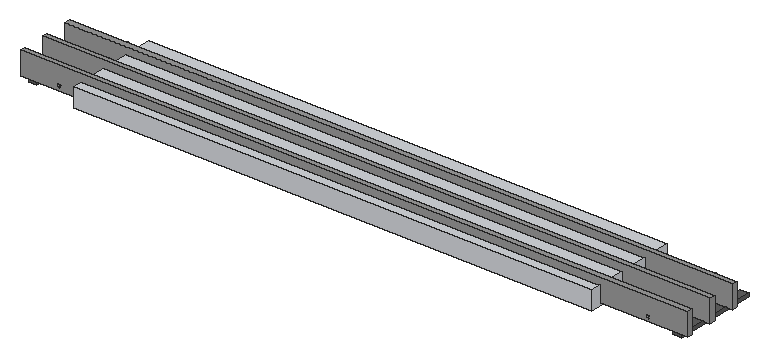
Revit family "1214-3, Solid", category Generic Models, host Face, Revit 2020
Family settings
  Host = Face
  Can host rebar = No
  Round Connector Dimension = Use Diameter
  Part Type = Normal
  Cut with Voids When Loaded = No
  Shared = No
  Room Calculation Point = No
Parameters
  min_value [instance] = 1' - 11 1/4"  # constant formula
  max_value [instance] = 11' - 11 1/4"  # constant formula
  actual_value [instance] = if(NET LENGTH < min_value, min_value, if(NET LENGTH > max_value, max_value, NET LENGTH))  # 7' - 11 1/4"
  NET LENGTH [instance] = 7' - 11 1/4"
  IMPORTANT NOTE!!!                                                                             *Backer & dowel layout is for visualization purposes only, final layout to be determined by 9Wood. [instance] = ""
  Default Elevation = 4' - 0"
  DOWEL RADIUS [instance] = 0' - 0 1/4"  # constant formula
  BACKING M MATERIAL [instance] = BLACK-BACKERS
  .. MEMBER WIDTH [instance] = 0' - 0 3/4"  # constant formula
  .. MEMBER MATERIAL [instance] = Solid Western Hemlock
  .. MEMBER DEPTH [instance] = 0' - 3 1/4"  # constant formula
  .. MEMBER COUNT [instance] = 3  # constant formula
Reference planes (in)
  plane 1 "Center (Front/Back)": y = 0
  plane 2: z = 2.726
  plane 3 "Center (Left/Right)": x = 0
Forms (in)
  Extrusion 1, solid
    sketch origin (15, -0.86619, -0.99308) x (0, 1, 0) y (-1, 0, 0)
      loop
        line (3.42869, -23.66817) -> (3.42869, 50.25) -> (-10, 50.25) -> (-10, -23.66817) -> (3.42869, -23.66817)
    from 3.71908 to 1.00111
Dimensions and locks (in)
  aligned and locked: plane 2 to Extrusion 1
Nested families (in)
  nested 1: "1200 Series" at (-44, -2, 1.87867), NET LENGTH <- "actual_value", DOWEL RADII <- "DOWEL RADIUS", .. MEMBER WIDTH <- ".. MEMBER WIDTH", .. MEMBER DEPTH <- ".. MEMBER DEPTH", .. MEMBER MATERIAL <- ".. MEMBER MATERIAL", BACKING M MATERIAL <- "BACKING M MATERIAL", .. MEMBER COUNT <- ".. MEMBER COUNT", type "1200 Series"
    with X 7' - 4", WIDTH 1' - 0 1/16", Space 0' - 0 11/16", START 0' - 0 3/8", SCRIM MATERIAL SCRIM, SCRIM 3 8' - 1", SCRIM 2 0' - 0 7/8", SCRIM 1 0' - 0 3/32", SCRIM yes, NET LENGTH 7' - 11 1/4", N 8, INSET 3 0' - 0 3/16", INSET 0' - 1", INDEX 0' - 5 5/8", END BACKER yes, DOWEL RADII 0' - 0 1/4", DOWEL COUNT 8, BACKING M WIDTH 0' - 1 1/4", BACKING M MATERIAL BLACK-BACKERS, BACKING M LENGTH 0' - 11 7/8", BACKING M DEPTH 0' - 0 1/2", .. MEMBER WIDTH 0' - 0 3/4", .. MEMBER OC TYP 0' - 4", .. MEMBER MATERIAL Solid Western Hemlock, .. MEMBER DEPTH 0' - 3 1/4", .. MEMBER COUNT 3
Definition of nested family "1200 Series"
  Parameters (values of type "1200 Series")
    X [instance] = NET LENGTH - (0' 3 5/8" * 2)  # 6' - 2"
    WIDTH [instance] = 1' - 0 1/16"
    Space [instance] = 0' - 0 11/16"  # constant formula
    START [instance] = .. MEMBER WIDTH / 2  # 0' - 0 3/8"
    SCRIM MATERIAL [instance] = none
    SCRIM 3 [instance] = NET LENGTH + (SCRIM 2 * 2)  # 6' - 11"
    SCRIM 2 [instance] = 0' - 0 7/8"
    SCRIM 1 [instance] = 0' - 0 3/32"
    SCRIM [instance] = yes
    NET LENGTH [instance] = 6' - 9 1/4"
    N [instance] = if((X - (rounddown(X / 1' 0") * 1' 0")) > 1' 0", rounddown(X / 1' 0") + 2, rounddown(X / 1' 0") + 1)  # 7
    INSET 3 [instance] = 0' - 0 3/16"
    INSET [instance] = 0' - 1"
    INDEX [instance] = (NET LENGTH - ((N - 1) * 1' 0")) / 2  # 0' - 4 5/8"
    END BACKER [instance] = yes
    Default Elevation = 0' - 0"
    DOWEL RADII [instance] = 0' - 0 1/4"
    DOWEL COUNT [instance] = N  # 7
    BACKING M WIDTH [instance] = 0' - 1 1/4"
    BACKING M MATERIAL [instance] = none
    BACKING M LENGTH [instance] = 0' - 11 7/8"
    BACKING M DEPTH [instance] = 0' - 0 1/2"
    .. MEMBER WIDTH [instance] = 0' - 0 3/4"
    .. MEMBER OC TYP [instance] = 1' 0" / .. MEMBER COUNT  # 0' - 3"
    .. MEMBER MATERIAL [instance] = none
    .. MEMBER DEPTH [instance] = 0' - 1 3/8"
    .. MEMBER COUNT [instance] = 4
  Reference planes (in)
    plane 1 "Center (Front/Back)": y = -7.5
    plane 2: z = 0
    plane 3 "Center (Left/Right)": x = 0
    plane 4: x = 1
    plane 5: x = 4.625
    plane 6: x = 81.25
    plane 7: x = 80.25
    plane 8: x = 16.625
    plane 9: y = -7.3125
    plane 10: y = -4.125
    plane 11: y = -7.125
    plane 12: y = 4.5625
    plane 13: y = -4.5
    plane 14: y = -7.59375
    plane 15: x = 82.125
    plane 16: y = 4.65625
    plane 17: x = -0.875
    plane 18: z = -1.375
    plane 19: z = -0.6875
  Lines and regions (in)
    model lines
      curve 1: line (4.375, -7.5, -0.6875) -> (4.875, -7.5, -0.6875)
    model lines, not visible
      curve 2: line (4.625, -7.5, -0.9375) -> (4.625, -7.5, -0.4375)
      curve 3: line (4.375, -7.5, -0.6875) -> (4.875, -7.5, -0.6875)
      curve 4: line (16.625, -7.5, -0.9375) -> (16.625, -7.5, -0.4375)
      curve 5: line (16.375, -7.5, -0.6875) -> (16.875, -7.5, -0.6875)
      curve 6: line (28.625, -7.5, -0.9375) -> (28.625, -7.5, -0.4375)
      curve 7: line (28.375, -7.5, -0.6875) -> (28.875, -7.5, -0.6875)
      curve 8: line (40.625, -7.5, -0.9375) -> (40.625, -7.5, -0.4375)
      curve 9: line (40.375, -7.5, -0.6875) -> (40.875, -7.5, -0.6875)
      curve 10: line (52.625, -7.5, -0.9375) -> (52.625, -7.5, -0.4375)
      curve 11: line (52.375, -7.5, -0.6875) -> (52.875, -7.5, -0.6875)
      curve 12: line (64.625, -7.5, -0.9375) -> (64.625, -7.5, -0.4375)
      curve 13: line (64.375, -7.5, -0.6875) -> (64.875, -7.5, -0.6875)
      curve 14: line (76.625, -7.5, -0.9375) -> (76.625, -7.5, -0.4375)
      curve 15: line (76.375, -7.5, -0.6875) -> (76.875, -7.5, -0.6875)
  Dimensions and locks (in)
    "NET LENGTH": plane 3 "Center (Left/Right)" to plane 6
    "INSET": plane 7 to plane 6
    "INDEX": plane 3 "Center (Left/Right)" to plane 5
    plane 5 to plane 8 = 1' - 0"
    "INSET 3": plane 1 "Center (Front/Back)" to plane 9
    equal spacing: group 1, group 2, group 3, group 4  (x3)
    "START": plane 11 to plane 1 "Center (Front/Back)"
    ".. MEMBER OC TYP": plane 10 to plane 11
    "WIDTH": plane 12 to plane 1 "Center (Front/Back)"
    "START": plane 10 to plane 13
    "SCRIM 1": plane 14 to plane 1 "Center (Front/Back)"
    "SCRIM 2": plane 6 to plane 15
    "SCRIM 1": plane 12 to plane 16
    "SCRIM 2": plane 17 to plane 3 "Center (Left/Right)"
    "INSET": plane 3 "Center (Left/Right)" to plane 4
    equal spacing: group 5, group 6, group 7, group 8, group 9, group 10, group 11  (x3)
    "Space": plane 19 to plane 18
    aligned and locked: level to plane 2
    aligned and locked: nested 1 to plane 4  (x2)
    aligned and locked: plane 7 to nested 2
    aligned and locked: plane 5 to nested 3
    aligned and locked: nested 1 to plane 9
    aligned and locked: plane 1 "Center (Front/Back)" to nested 4
    aligned and locked: plane 9 to nested 2
    aligned and locked: plane 13 to nested 5
    aligned and locked: nested 3 to plane 9
    aligned and locked: plane 18 to nested 1
    aligned and locked: plane 19 to nested 3
    aligned and locked: curve 1 to plane 19
    aligned and locked: plane 8 to curve 4
    aligned and locked: curve 5 to plane 19
    aligned and locked: nested 4 to plane 18
  Automatic sketch dimensions
    curve 1 to curve 1 = 0' - 0 1/2"
    curve 1 to plane 5 = 0' - 0 1/4"
    plane 5 to curve 1 = 0' - 0 1/4"
    curve 3 to curve 2 = 0' - 0 1/4"  (x2)
    curve 2 to curve 3 = 0' - 0 1/4"  (x2)
    curve 5 to curve 4 = 0' - 0 1/4"  (x2)
    curve 4 to curve 5 = 0' - 0 1/4"  (x2)
    curve 7 to curve 6 = 0' - 0 1/4"  (x2)
    curve 6 to curve 7 = 0' - 0 1/4"  (x2)
    curve 9 to curve 8 = 0' - 0 1/4"  (x2)
    curve 8 to curve 9 = 0' - 0 1/4"  (x2)
    curve 11 to curve 10 = 0' - 0 1/4"  (x2)
    curve 10 to curve 11 = 0' - 0 1/4"  (x2)
    curve 13 to curve 12 = 0' - 0 1/4"  (x2)
    curve 12 to curve 13 = 0' - 0 1/4"  (x2)
    curve 15 to curve 14 = 0' - 0 1/4"  (x2)
    curve 14 to curve 15 = 0' - 0 1/4"  (x2)
  Nested families (in)
    nested 1: "INSTANCE - 2ND -  EXTEND SIDE H CENTER W - Parametric Cube" at (1, -1.375, -1.375) x (0, -1, 0) z (0, 0, 1), Width <- "BACKING M LENGTH", Length <- "BACKING M WIDTH", Material <- "BACKING M MATERIAL", Height <- "BACKING M DEPTH", visible <- "END BACKER", type "INSTANCE - 2ND -  EXTEND SIDE H CENTER W - Parametric Cube"
      with Width 0' - 11 7/8", Material none, Length 0' - 1 1/4", Height 0' - 0 1/2"
    nested 2: "INSTANCE - 2ND -  EXTEND SIDE H CENTER W - Parametric Cube" at (80.25, -1.375, -1.375) x (0, -1, 0) z (0, 0, 1), Width <- "BACKING M LENGTH", Length <- "BACKING M WIDTH", Material <- "BACKING M MATERIAL", Height <- "BACKING M DEPTH", visible <- "END BACKER", type "INSTANCE - 2ND -  EXTEND SIDE H CENTER W - Parametric Cube"
      with Width 0' - 11 7/8", Material none, Length 0' - 1 1/4", Height 0' - 0 1/2"
    nested 3: "Family3" at (-5.375, -7.3125, -0.6875), DOWEL RADII <- "DOWEL RADII", BACKING MEM MATERIAL <- "BACKING M MATERIAL", type "Family3"
      with DOWEL RADII 0' - 0 1/4", DOWEL LENGTH 0' - 11 7/8", BACKING MEM MATERIAL none
    nested 4: "HOLED MEMBER" at (0, -18.75, 6.19404), DOWEL RADII <- "DOWEL RADII", .. MEMBER LENGTH <- "NET LENGTH", DOWEL COUNT <- "DOWEL COUNT", DEPTH <- ".. MEMBER DEPTH", .. MEMBER WIDTH <- ".. MEMBER WIDTH", Material <- ".. MEMBER MATERIAL", DOWEL INDEX <- "INDEX", Space 2 <- "Space", type "HOLED MEMBER"
      with Width 0' - 6", Space 2 0' - 0 11/16", Material none, Length 1' - 0", Height 0' - 10.43096", DOWEL RADII 0' - 0 1/4", DOWEL OC DIST 1' - 0", DOWEL INDEX 0' - 4 5/8", DOWEL COUNT 7, DEPTH 0' - 1 3/8", .. MEMBER WIDTH 0' - 0 3/4", .. MEMBER LENGTH 6' - 9 1/4"
    nested 5: "HOLED MEMBER" at (0, -15.75, 6.19404), DOWEL RADII <- "DOWEL RADII", .. MEMBER LENGTH <- "NET LENGTH", DOWEL COUNT <- "DOWEL COUNT", DEPTH <- ".. MEMBER DEPTH", .. MEMBER WIDTH <- ".. MEMBER WIDTH", Material <- ".. MEMBER MATERIAL", DOWEL INDEX <- "INDEX", Space 2 <- "Space", type "HOLED MEMBER"
      with Width 0' - 6", Space 2 0' - 0 11/16", Material none, Length 1' - 0", Height 0' - 10.43096", DOWEL RADII 0' - 0 1/4", DOWEL OC DIST 1' - 0", DOWEL INDEX 0' - 4 5/8", DOWEL COUNT 7, DEPTH 0' - 1 3/8", .. MEMBER WIDTH 0' - 0 3/4", .. MEMBER LENGTH 6' - 9 1/4"
    nested 6: "HOLED MEMBER" at (0, -12.75, 6.19404), DOWEL RADII <- "DOWEL RADII", .. MEMBER LENGTH <- "NET LENGTH", DOWEL COUNT <- "DOWEL COUNT", DEPTH <- ".. MEMBER DEPTH", .. MEMBER WIDTH <- ".. MEMBER WIDTH", Material <- ".. MEMBER MATERIAL", DOWEL INDEX <- "INDEX", Space 2 <- "Space", type "HOLED MEMBER"
      with Width 0' - 6", Space 2 0' - 0 11/16", Material none, Length 1' - 0", Height 0' - 10.43096", DOWEL RADII 0' - 0 1/4", DOWEL OC DIST 1' - 0", DOWEL INDEX 0' - 4 5/8", DOWEL COUNT 7, DEPTH 0' - 1 3/8", .. MEMBER WIDTH 0' - 0 3/4", .. MEMBER LENGTH 6' - 9 1/4"
    nested 7: "HOLED MEMBER" at (0, -9.75, 6.19404), DOWEL RADII <- "DOWEL RADII", .. MEMBER LENGTH <- "NET LENGTH", DOWEL COUNT <- "DOWEL COUNT", DEPTH <- ".. MEMBER DEPTH", .. MEMBER WIDTH <- ".. MEMBER WIDTH", Material <- ".. MEMBER MATERIAL", DOWEL INDEX <- "INDEX", Space 2 <- "Space", type "HOLED MEMBER"
      with Width 0' - 6", Space 2 0' - 0 11/16", Material none, Length 1' - 0", Height 0' - 10.43096", DOWEL RADII 0' - 0 1/4", DOWEL OC DIST 1' - 0", DOWEL INDEX 0' - 4 5/8", DOWEL COUNT 7, DEPTH 0' - 1 3/8", .. MEMBER WIDTH 0' - 0 3/4", .. MEMBER LENGTH 6' - 9 1/4"
    nested 8: "Family3" at (6.625, -7.3125, -0.6875), DOWEL RADII <- "DOWEL RADII", BACKING MEM MATERIAL <- "BACKING M MATERIAL", type "Family3"
      with DOWEL RADII 0' - 0 1/4", DOWEL LENGTH 0' - 11 7/8", BACKING MEM MATERIAL none
    nested 9: "Family3" at (18.625, -7.3125, -0.6875), DOWEL RADII <- "DOWEL RADII", BACKING MEM MATERIAL <- "BACKING M MATERIAL", type "Family3"
      with DOWEL RADII 0' - 0 1/4", DOWEL LENGTH 0' - 11 7/8", BACKING MEM MATERIAL none
    nested 10: "Family3" at (30.625, -7.3125, -0.6875), DOWEL RADII <- "DOWEL RADII", BACKING MEM MATERIAL <- "BACKING M MATERIAL", type "Family3"
      with DOWEL RADII 0' - 0 1/4", DOWEL LENGTH 0' - 11 7/8", BACKING MEM MATERIAL none
    nested 11: "Family3" at (42.625, -7.3125, -0.6875), DOWEL RADII <- "DOWEL RADII", BACKING MEM MATERIAL <- "BACKING M MATERIAL", type "Family3"
      with DOWEL RADII 0' - 0 1/4", DOWEL LENGTH 0' - 11 7/8", BACKING MEM MATERIAL none
    nested 12: "Family3" at (54.625, -7.3125, -0.6875), DOWEL RADII <- "DOWEL RADII", BACKING MEM MATERIAL <- "BACKING M MATERIAL", type "Family3"
      with DOWEL RADII 0' - 0 1/4", DOWEL LENGTH 0' - 11 7/8", BACKING MEM MATERIAL none
    nested 13: "Family3" at (66.625, -7.3125, -0.6875), DOWEL RADII <- "DOWEL RADII", BACKING MEM MATERIAL <- "BACKING M MATERIAL", type "Family3"
      with DOWEL RADII 0' - 0 1/4", DOWEL LENGTH 0' - 11 7/8", BACKING MEM MATERIAL none
  Definition of nested family "INSTANCE - 2ND -  EXTEND SIDE H CENTER W - Parametric Cube"
    Parameters (values of type "INSTANCE - 2ND -  EXTEND SIDE H CENTER W - Parametric Cube")
      Width [instance] = 0' - 6"
      Material [instance] = none
      Length [instance] = 1' - 0"
      Height [instance] = 1' - 6"
      Default Elevation = 0' - 0"
    Reference planes (in)
      plane 1 "Center (Front/Back)": y = 0
      plane 2: z = 0
      plane 3 "Center (Left/Right)": x = 0
      plane 4: x = -3
      plane 5: x = 3
      plane 6: y = 12
      plane 7: z = -18
    Forms (in)
      Extrusion 1, solid, material <- "Material"
        sketch origin (0, 6, 0) x (1, 0, 0) y (0, 1, 0)
          loop
            line (-3, 6) -> (-3, -6) -> (3, -6) -> (3, 6) -> (-3, 6)
        from -18 to 0
    Dimensions and locks (in)
      equal spacing: plane 4, plane 3 "Center (Left/Right)", plane 5
      "Width": plane 4 to plane 5
      "Height": plane 7 to level
      "Length": plane 1 "Center (Front/Back)" to plane 6
      aligned and locked: plane 2 to level
      aligned and locked: plane 4 to Extrusion 1 sketch curve
      aligned and locked: Extrusion 1 sketch curve to plane 5
      aligned and locked: Extrusion 1 to plane 7
      aligned and locked: plane 6 to Extrusion 1
    Automatic sketch dimensions
      plane 1 "Center (Front/Back)" to Extrusion 1 sketch curve = 0' - 0"
      plane 6 to Extrusion 1 sketch curve = 0' - 0"
  Definition of nested family "Family3"
    Parameters (values of type "Family3")
      Default Elevation = 0' - 0"
      DOWEL RADII [instance] = 0' - 0 5/8"
      DOWEL LENGTH [instance] = 0' - 5"
      BACKING MEM MATERIAL [instance] = none
    Reference planes (in)
      plane 1 "Center (Front/Back)": y = 0
      plane 2: z = 0
      plane 3 "Center (Left/Right)": x = 0
      plane 4: y = 5
    Forms (in)
      Extrusion 1, solid, material <- "BACKING MEM MATERIAL"
        sketch origin (10, 0, 0) x (1, 0, 0) y (0, 0, 1)
          loop
            circle (0, 0) r 0.625
        from 0 to -5
      Extrusion 2, solid, not visible
        sketch origin (0, 0, 0) x (1, 0, 0) y (0, 0, 1)
          loop
            circle (0, 0) r 0.625
        from 0 to 12
      Extrusion 3, solid, not visible
        sketch origin (10, 0, 0) x (1, 0, 0) y (0, 0, 1)
          loop
            circle (0, 0) r 0.625
        from 0 to 2.5
      Extrusion 4, solid, not visible
        sketch origin (10, 0, 0) x (1, 0, 0) y (0, 0, 1)
          loop
            circle (0, 0) r 0.625
        from 0 to -12
    Lines and regions (in)
      model lines, not visible
        curve 1: line (-13, 0, 0) -> (-13, -12, 0)
        curve 2: line (13, 0, 0) -> (13, -12, 0)
        curve 3: line (9.89453, 0, 0) -> (10.08794, 0, 0)
        curve 4: line (9.89453, -2.5, 0) -> (10.08794, -2.5, 0)
        curve 6: line (10, 0, 0) -> (10, 2, 0)
      model lines
        curve 5: line (10, 0, 0) -> (10, 2, 0)
    Dimensions and locks (in)
      "DOWEL LENGTH": plane 1 "Center (Front/Back)" to plane 4
      "DOWEL RADII": radius of Extrusion 1 sketch curve
      "DOWEL RADII": radius of Extrusion 2 sketch curve
      "DOWEL RADII": radius of Extrusion 3 sketch curve
      "DOWEL RADII": radius of Extrusion 4 sketch curve
      "DOWEL RADII": radius of Extrusion 1
      aligned and locked: plane 2 to level
      aligned and locked: Extrusion 1 to plane 1 "Center (Front/Back)"  (x3)
      aligned and locked: plane 1 "Center (Front/Back)" to Extrusion 1
      aligned and locked: plane 4 to Extrusion 1
    Automatic sketch dimensions
      plane 1 "Center (Front/Back)" to curve 5 = 0' - 0"
      curve 5 to plane 1 "Center (Front/Back)" = 0' - 2"
      plane 3 "Center (Left/Right)" to curve 5 = 0' - 10"
      Extrusion 1 sketch curve to level = 0' - 0"
      plane 3 "Center (Left/Right)" to Extrusion 1 sketch curve = 0' - 10"
  Definition of nested family "HOLED MEMBER"
    Parameters (values of type "HOLED MEMBER")
      Width [instance] = 0' - 6"
      Space 2 [instance] = 0' - 0 5/8"
      Space = 0' - 0 5/8"
      Material [instance] = none
      Length [instance] = 1' - 0"
      Height [instance] = 0' - 10.43096"
      Default Elevation = 0' - 0"
      DOWEL RADII [instance] = 0' - 0.34537"
      DOWEL OC DIST [instance] = 1' - 0"
      DOWEL INSET = 0' - 0 5/8"
      DOWEL INDEX [instance] = 0' - 5 5/8"
      DOWEL COUNT [instance] = 6
      DEPTH [instance] = 0' - 2"
      .. MEMBER WIDTH [instance] = 0' - 0 5/8"
      .. MEMBER LENGTH [instance] = 5' - 11 3/4"
    Reference planes (in)
      plane 1 "Center (Front/Back)": y = 12
      plane 2: z = -7.56904
      plane 3 "Center (Left/Right)": x = 0
      plane 4: x = 5.625
      plane 5: x = 17.625
      plane 6: y = 11.375
      plane 7: x = 71.75
      plane 8: z = -6.94404
      plane 9: z = -5.56904
    Forms (in)
      Extrusion 1, solid, material <- "Material"
        sketch origin (0, 12, -13.56904) x (1, 0, 0) y (0, 0, 1)
          loop
            line (0, 6) -> (71.75, 6) -> (71.75, 8) -> (0, 8) -> (0, 6)
        from 0.625 to 0
      Extrusion 2, void
        sketch origin (0, 12, -18.31904) x (1, 0, 0) y (0, 0, 1)
          loop
            circle (5.625, 11.375) r 0.34537
        from 0 to 12
      Extrusion 3, void, not visible
        sketch origin (0, 1.25, 0) x (1, 0, 0) y (0, 1, 0)
          loop
            circle (5.625, 11.375) r 0.34537
        from 0 to 12
      Extrusion 4, void, not visible
        sketch origin (0, 1.25, 0) x (1, 0, 0) y (0, 1, 0)
          loop
            circle (5.625, 11.375) r 0.34537
        from 0 to 12
      Extrusion 5, void, not visible
        sketch origin (12, 1.25, 0) x (1, 0, 0) y (0, 1, 0)
          loop
            circle (5.625, 11.375) r 0.34537
        from 0 to 12
      Extrusion 6, void, not visible
        sketch origin (0, 12, -16.31904) x (1, 0, 0) y (0, 0, 1)
          loop
            circle (5.625, 11.375) r 0.34537
        from 0 to 12
      Extrusion 7, void, not visible
        sketch origin (12, 12, -16.31904) x (1, 0, 0) y (0, 0, 1)
          loop
            circle (5.625, 11.375) r 0.34537
        from 0 to 12
      Extrusion 8, void, not visible
        sketch origin (0, 12, -18.31904) x (1, 0, 0) y (0, 0, 1)
          loop
            circle (5.625, 11.375) r 0.34537
        from 0 to 12
      Extrusion 9, void
        sketch origin (12, 12, -18.31904) x (1, 0, 0) y (0, 0, 1)
          loop
            circle (5.625, 11.375) r 0.34537
        from 0 to 12
      Extrusion 10, void, not visible
        sketch origin (24, 12, -16.31904) x (1, 0, 0) y (0, 0, 1)
          loop
            circle (5.625, 11.375) r 0.34537
        from 0 to 12
      Extrusion 11, void, not visible
        sketch origin (36, 12, -16.31904) x (1, 0, 0) y (0, 0, 1)
          loop
            circle (5.625, 11.375) r 0.34537
        from 0 to 12
      Extrusion 12, void, not visible
        sketch origin (48, 12, -16.31904) x (1, 0, 0) y (0, 0, 1)
          loop
            circle (5.625, 11.375) r 0.34537
        from 0 to 12
      Extrusion 13, void, not visible
        sketch origin (60, 12, -16.31904) x (1, 0, 0) y (0, 0, 1)
          loop
            circle (5.625, 11.375) r 0.34537
        from 0 to 12
      Extrusion 14, void, not visible
        sketch origin (24, 1.25, 0) x (1, 0, 0) y (0, 1, 0)
          loop
            circle (5.625, 11.375) r 0.34537
        from 0 to 12
      Extrusion 15, void, not visible
        sketch origin (36, 1.25, 0) x (1, 0, 0) y (0, 1, 0)
          loop
            circle (5.625, 11.375) r 0.34537
        from 0 to 12
      Extrusion 16, void, not visible
        sketch origin (48, 1.25, 0) x (1, 0, 0) y (0, 1, 0)
          loop
            circle (5.625, 11.375) r 0.34537
        from 0 to 12
      Extrusion 17, void, not visible
        sketch origin (60, 1.25, 0) x (1, 0, 0) y (0, 1, 0)
          loop
            circle (5.625, 11.375) r 0.34537
        from 0 to 12
      Extrusion 18, void
        sketch origin (24, 12, -18.31904) x (1, 0, 0) y (0, 0, 1)
          loop
            circle (5.625, 11.375) r 0.34537
        from 0 to 12
      Extrusion 19, void
        sketch origin (36, 12, -18.31904) x (1, 0, 0) y (0, 0, 1)
          loop
            circle (5.625, 11.375) r 0.34537
        from 0 to 12
      Extrusion 20, void
        sketch origin (48, 12, -18.31904) x (1, 0, 0) y (0, 0, 1)
          loop
            circle (5.625, 11.375) r 0.34537
        from 0 to 12
      Extrusion 21, void
        sketch origin (60, 12, -18.31904) x (1, 0, 0) y (0, 0, 1)
          loop
            circle (5.625, 11.375) r 0.34537
        from 0 to 12
    Cuts and joins
      Extrusion 2, Extrusion 9, Extrusion 18, Extrusion 19, Extrusion 20, Extrusion 21 cuts Extrusion 1
    Lines and regions (in)
      model lines, not visible
        curve 1: line (5.625, 11.72037, 0) -> (5.625, 11.02963, 0)
        curve 2: line (5.625, 11.72037, 0) -> (5.625, 11.02963, 0)
        curve 3: line (17.625, 11.72037, 0) -> (17.625, 11.02963, 0)
        curve 4: line (5.625, 12, -7.56904) -> (5.625, 11.87317, -7.56904)
        curve 5: line (5.625, 11.87317, -7.56904) -> (5.06195, 11.87317, -7.56904)
        curve 6: line (5.06195, 11.87317, -7.56904) -> (5.27963, 11.375, -7.56904)
        curve 7: line (0, 12, -6.19404) -> (0, 11.61951, -6.19404)
        curve 8: line (0, 11.375, -8.19404) -> (0, 11.6747, -8.19404)
        curve 9: line (5.625, 12, -7.56904) -> (5.625, 11.69863, -7.56904)
        curve 11: line (5.625, 12, 0) -> (5.625, 12, 0.30137)
        curve 12: line (5.625, 12, 0) -> (5.625, 12, 0.30137)
        curve 13: line (17.625, 12, 0) -> (17.625, 12, 0.30137)
        curve 14: line (5.625, 12, -5.56904) -> (5.625, 11.69863, -5.56904)
        curve 15: line (17.625, 12, -5.56904) -> (17.625, 11.69863, -5.56904)
        curve 16: line (5.625, 12, -7.56904) -> (5.625, 11.69863, -7.56904)
        curve 18: line (29.625, 12, -5.56904) -> (29.625, 11.69863, -5.56904)
        curve 19: line (41.625, 12, -5.56904) -> (41.625, 11.69863, -5.56904)
        curve 20: line (53.625, 12, -5.56904) -> (53.625, 11.69863, -5.56904)
        curve 21: line (65.625, 12, -5.56904) -> (65.625, 11.69863, -5.56904)
        curve 22: line (29.625, 11.72037, 0) -> (29.625, 11.02963, 0)
        curve 23: line (29.625, 12, 0) -> (29.625, 12, 0.30137)
        curve 24: line (41.625, 11.72037, 0) -> (41.625, 11.02963, 0)
        curve 25: line (41.625, 12, 0) -> (41.625, 12, 0.30137)
        curve 26: line (53.625, 11.72037, 0) -> (53.625, 11.02963, 0)
        curve 27: line (53.625, 12, 0) -> (53.625, 12, 0.30137)
        curve 28: line (65.625, 11.72037, 0) -> (65.625, 11.02963, 0)
        curve 29: line (65.625, 12, 0) -> (65.625, 12, 0.30137)
        curve 35: line (5.27963, 12.625, 0) -> (5.97037, 12.625, 0)
        curve 36: line (5.27963, 12.625, 0) -> (5.97037, 12.625, 0)
        curve 37: line (17.27963, 12.625, 0) -> (17.97037, 12.625, 0)
        curve 38: line (5.27963, 12, -4.94404) -> (5.97037, 12, -4.94404)
        curve 39: line (17.27963, 12, -4.94404) -> (17.97037, 12, -4.94404)
        curve 40: line (5.27963, 12, -6.94404) -> (5.97037, 12, -6.94404)
        curve 42: line (29.27963, 12, -4.94404) -> (29.97037, 12, -4.94404)
        curve 43: line (41.27963, 12, -4.94404) -> (41.97037, 12, -4.94404)
        curve 44: line (53.27963, 12, -4.94404) -> (53.97037, 12, -4.94404)
        curve 45: line (65.27963, 12, -4.94404) -> (65.97037, 12, -4.94404)
        curve 46: line (29.27963, 12.625, 0) -> (29.97037, 12.625, 0)
        curve 47: line (41.27963, 12.625, 0) -> (41.97037, 12.625, 0)
        curve 48: line (53.27963, 12.625, 0) -> (53.97037, 12.625, 0)
        curve 49: line (65.27963, 12.625, 0) -> (65.97037, 12.625, 0)
        curve 54: line (0, 12, -6.94404) -> (0, 4.22059, -6.94404)
        curve 55: line (0, 12.625, 0) -> (0, 12.625, 7.77941)
        curve 56: line (0, 12.625, 0) -> (0, 12.625, 7.77941)
        curve 57: line (12, 12.625, 0) -> (12, 12.625, 7.77941)
        curve 58: line (0, 12, -4.94404) -> (0, 4.22059, -4.94404)
        curve 59: line (12, 12, -4.94404) -> (12, 4.22059, -4.94404)
        curve 60: line (0, 12, -6.94404) -> (0, 4.22059, -6.94404)
        curve 61: line (12, 12, -6.94404) -> (12, 4.22059, -6.94404)
        curve 62: line (24, 12, -4.94404) -> (24, 4.22059, -4.94404)
        curve 63: line (36, 12, -4.94404) -> (36, 4.22059, -4.94404)
        curve 64: line (48, 12, -4.94404) -> (48, 4.22059, -4.94404)
        curve 65: line (60, 12, -4.94404) -> (60, 4.22059, -4.94404)
        curve 66: line (24, 12.625, 0) -> (24, 12.625, 7.77941)
        curve 67: line (36, 12.625, 0) -> (36, 12.625, 7.77941)
        curve 68: line (48, 12.625, 0) -> (48, 12.625, 7.77941)
        curve 69: line (60, 12.625, 0) -> (60, 12.625, 7.77941)
        curve 70: line (24, 12, -6.94404) -> (24, 4.22059, -6.94404)
        curve 71: line (36, 12, -6.94404) -> (36, 4.22059, -6.94404)
        curve 72: line (48, 12, -6.94404) -> (48, 4.22059, -6.94404)
        curve 73: line (60, 12, -6.94404) -> (60, 4.22059, -6.94404)
      model lines
        curve 10: line (5.625, 12, -7.56904) -> (5.625, 11.69863, -7.56904)
        curve 17: line (17.625, 12, -7.56904) -> (17.625, 11.69863, -7.56904)
        curve 30: line (29.625, 12, -7.56904) -> (29.625, 11.69863, -7.56904)
        curve 31: line (41.625, 12, -7.56904) -> (41.625, 11.69863, -7.56904)
        curve 32: line (53.625, 12, -7.56904) -> (53.625, 11.69863, -7.56904)
        curve 33: line (65.625, 12, -7.56904) -> (65.625, 11.69863, -7.56904)
        curve 34: line (5.27963, 12, -6.94404) -> (5.97037, 12, -6.94404)
        curve 41: line (17.27963, 12, -6.94404) -> (17.97037, 12, -6.94404)
        curve 50: line (29.27963, 12, -6.94404) -> (29.97037, 12, -6.94404)
        curve 51: line (41.27963, 12, -6.94404) -> (41.97037, 12, -6.94404)
        curve 52: line (53.27963, 12, -6.94404) -> (53.97037, 12, -6.94404)
        curve 53: line (65.27963, 12, -6.94404) -> (65.97037, 12, -6.94404)
    Dimensions and locks (in)
      "DOWEL INDEX": plane 3 "Center (Left/Right)" to plane 4
      "DOWEL OC DIST": plane 4 to plane 5
      ".. MEMBER LENGTH": plane 3 "Center (Left/Right)" to plane 7
      equal spacing: group 3, group 4, group 17, group 18, group 19, group 20  (x3)
      equal spacing: group 7, group 8, group 13, group 14, group 15, group 16  (x3)
      equal spacing: group 1, group 12, group 21, group 22, group 23, group 24  (x3)
      ".. MEMBER WIDTH": plane 6 to plane 1 "Center (Front/Back)"
      "DEPTH": plane 9 to level
      "Space 2": plane 8 to level
      "DOWEL RADII": radius of Extrusion 2 sketch curve
      "DOWEL RADII": radius of Extrusion 3 sketch curve
      "DOWEL RADII": radius of Extrusion 4 sketch curve
      "DOWEL RADII": radius of Extrusion 5 sketch curve
      "DOWEL RADII": radius of Extrusion 6 sketch curve
      "DOWEL RADII": radius of Extrusion 7 sketch curve
      "DOWEL RADII": radius of Extrusion 8 sketch curve
      "DOWEL RADII": radius of Extrusion 9 sketch curve
      "DOWEL RADII": radius of Extrusion 10 sketch curve
      "DOWEL RADII": radius of Extrusion 11 sketch curve
      "DOWEL RADII": radius of Extrusion 12 sketch curve
      "DOWEL RADII": radius of Extrusion 13 sketch curve
      "DOWEL RADII": radius of Extrusion 14 sketch curve
      "DOWEL RADII": radius of Extrusion 15 sketch curve
      "DOWEL RADII": radius of Extrusion 16 sketch curve
      "DOWEL RADII": radius of Extrusion 17 sketch curve
      "DOWEL RADII": radius of Extrusion 18 sketch curve
      "DOWEL RADII": radius of Extrusion 19 sketch curve
      "DOWEL RADII": radius of Extrusion 20 sketch curve
      "DOWEL RADII": radius of Extrusion 21 sketch curve
      aligned and locked: level to plane 2
      aligned and locked: Extrusion 1 to plane 3 "Center (Left/Right)"  (x2)
      aligned and locked: plane 7 to cut or joined group of Extrusion 1, Extrusion 2, Extrusion 9, Extrusion 18, Extrusion 19, Extrusion 20, Extrusion 21  (x2)
      aligned and locked: cut or joined group of Extrusion 1, Extrusion 2, Extrusion 9, Extrusion 18, Extrusion 19, Extrusion 20, Extrusion 21 to plane 1 "Center (Front/Back)"  (x2)
      aligned and locked: cut or joined group of Extrusion 1, Extrusion 2, Extrusion 9, Extrusion 18, Extrusion 19, Extrusion 20, Extrusion 21 to plane 6  (x2)
      aligned and locked: plane 4 to curve 10
      aligned and locked: plane 5 to curve 17
      aligned and locked: plane 9 to cut or joined group of Extrusion 1, Extrusion 2, Extrusion 9, Extrusion 18, Extrusion 19, Extrusion 20, Extrusion 21  (x2)
      aligned and locked: cut or joined group of Extrusion 1, Extrusion 2, Extrusion 9, Extrusion 18, Extrusion 19, Extrusion 20, Extrusion 21 to level
      aligned and locked: plane 8 to Extrusion 2
      aligned and locked: curve 34 to plane 8
      aligned and locked: curve 41 to plane 8
      aligned and locked: level to curve 10
      aligned and locked: curve 10 to level
      aligned and locked: plane 8 to cut or joined group of Extrusion 1, Extrusion 2, Extrusion 9, Extrusion 18, Extrusion 19, Extrusion 20, Extrusion 21
      aligned and locked: curve 54 to plane 8
    Automatic sketch dimensions
      curve 1 to curve 1 = 0' - 0.69074"
      curve 2 to curve 2 = 0' - 0.69074"
      curve 3 to curve 3 = 0' - 0.69074"
      Extrusion 1 sketch curve to plane 3 "Center (Left/Right)" = 0' - 0"
      Extrusion 1 sketch curve to plane 7 = 0' - 0"
      Extrusion 1 sketch curve to Extrusion 1 sketch curve = 0' - 2"
      level to Extrusion 1 sketch curve = 0' - 0"
      curve 9 to curve 9 = 0' - 0.30137"
      curve 10 to curve 10 = 0' - 0.30137"
      curve 11 to curve 11 = 0' - 0.30137"
      curve 12 to curve 12 = 0' - 0.30137"
      curve 13 to curve 13 = 0' - 0.30137"
      curve 14 to curve 14 = 0' - 0.30137"
      curve 15 to curve 15 = 0' - 0.30137"
      curve 16 to curve 16 = 0' - 0.30137"
      curve 17 to curve 17 = 0' - 0.30137"
      curve 18 to curve 18 = 0' - 0.30137"
      curve 19 to curve 19 = 0' - 0.30137"
      curve 20 to curve 20 = 0' - 0.30137"
      curve 21 to curve 21 = 0' - 0.30137"
      curve 22 to curve 22 = 0' - 0.69074"
      curve 23 to curve 23 = 0' - 0.30137"
      curve 24 to curve 24 = 0' - 0.69074"
      curve 25 to curve 25 = 0' - 0.30137"
      curve 26 to curve 26 = 0' - 0.69074"
      curve 27 to curve 27 = 0' - 0.30137"
      curve 28 to curve 28 = 0' - 0.69074"
      curve 29 to curve 29 = 0' - 0.30137"
      curve 30 to curve 30 = 0' - 0.30137"
      curve 31 to curve 31 = 0' - 0.30137"
      curve 32 to curve 32 = 0' - 0.30137"
      curve 33 to curve 33 = 0' - 0.30137"
      curve 34 to curve 34 = 0' - 0.69074"
      curve 35 to curve 35 = 0' - 0.69074"
      curve 36 to curve 36 = 0' - 0.69074"
      curve 37 to curve 37 = 0' - 0.69074"
      curve 38 to curve 38 = 0' - 0.69074"
      curve 39 to curve 39 = 0' - 0.69074"
      curve 40 to curve 40 = 0' - 0.69074"
      curve 41 to curve 41 = 0' - 0.69074"
      curve 42 to curve 42 = 0' - 0.69074"
      curve 43 to curve 43 = 0' - 0.69074"
      curve 44 to curve 44 = 0' - 0.69074"
      curve 45 to curve 45 = 0' - 0.69074"
      curve 46 to curve 46 = 0' - 0.69074"
      curve 47 to curve 47 = 0' - 0.69074"
      curve 48 to curve 48 = 0' - 0.69074"
      curve 49 to curve 49 = 0' - 0.69074"
      curve 50 to curve 50 = 0' - 0.69074"
      curve 51 to curve 51 = 0' - 0.69074"
      curve 52 to curve 52 = 0' - 0.69074"
      curve 53 to curve 53 = 0' - 0.69074"
      curve 54 to curve 54 = 0' - 7.77941"
      curve 55 to curve 55 = 0' - 7.77941"
      curve 56 to curve 56 = 0' - 7.77941"
      curve 57 to curve 57 = 0' - 7.77941"
      curve 58 to curve 58 = 0' - 7.77941"
      curve 59 to curve 59 = 0' - 7.77941"
      curve 60 to curve 60 = 0' - 7.77941"
      curve 61 to curve 61 = 0' - 7.77941"
      curve 62 to curve 62 = 0' - 7.77941"
      curve 63 to curve 63 = 0' - 7.77941"
      curve 64 to curve 64 = 0' - 7.77941"
      curve 65 to curve 65 = 0' - 7.77941"
      curve 66 to curve 66 = 0' - 7.77941"
      curve 67 to curve 67 = 0' - 7.77941"
      curve 68 to curve 68 = 0' - 7.77941"
      curve 69 to curve 69 = 0' - 7.77941"
      curve 70 to curve 70 = 0' - 7.77941"
      curve 71 to curve 71 = 0' - 7.77941"
      curve 72 to curve 72 = 0' - 7.77941"
      curve 73 to curve 73 = 0' - 7.77941"
